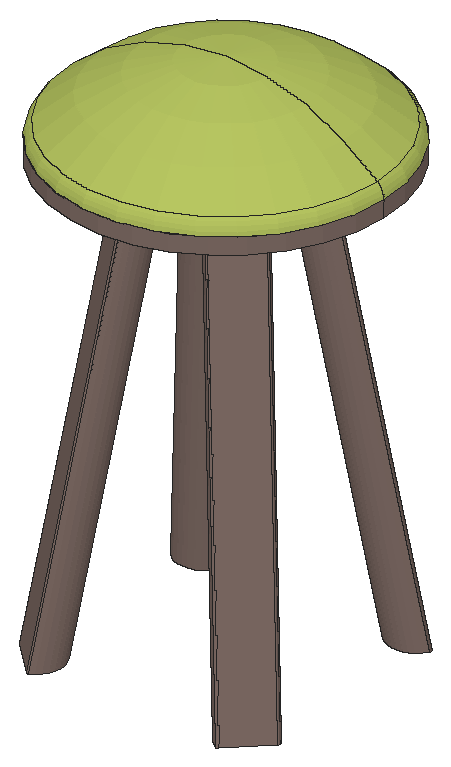
Revit family "Haworth_BuzziMilk_Stool", category Furniture, Revit 2018
Family settings
  OmniClass Number = 23.40.20.00
  OmniClass Title = General Furniture and Specialties
  Work Plane-Based = No
  Always vertical = Yes
  Cut with Voids When Loaded = No
  Shared = No
  Room Calculation Point = No
Parameters (values of type "HCBZ-MKS2")
  Wood Top = not(Cushion)  # no
  Warranty = "http://www.haworth.com/resources/product-info/warranties"
  URL - Product = "https://www.haworth.com/products/seating/stools/buzzimilk"
  URL = "http://www.haworth.com/our-brands/haworth-collection"
  Revision = "1"  # constant formula
  Note = "Verify Final Dim. w/ Haworth"  # constant formula
  Model = "HCBZ-MKS"  # constant formula
  Medium = yes
  Manufacturer = "Haworth"  # constant formula
  Low = not(or(Medium, High))  # no
  Keynote = ""
  High = no
  Frame Finish [instance] = Haworth _ Wood _ Walnut
  Description = "Haworth BuzziMilk Stool - Medium - Upholstered"
  Cushion Height = 3.5"  # constant formula
  Cushion Finish [instance] = Haworth _ Fabric _ Kvadrat Revive 1 _ BR1-914
  Cushion Control = or(Medium, High, and(Cushion, Low))  # yes
  Cushion = yes
  Author = "Haworth (Alias)"  # constant formula
  Assembly Code = "E2020200"
  Actual Width = 15.35156"  # constant formula
  Actual Height = if(High, 30.71094", if(Medium, 25.58984", 18.69922"))  # 25.58984"
  Actual Depth = 15.35156"  # constant formula
Types (5): name | Wood Top | Medium | Low | High | Description | Cushion Control | Cushion | Actual Height
  (no name) | no | yes | no | no | "Haworth BuzziMilk Stool - Medium - Upholstered" | yes | yes | 25.58984"
  HCBZ-MKS1 | no | no | yes | no | "Haworth BuzziMilk Stool - Low - Upholstered" | yes | yes | 18.69922"
  HCBZ-MKS2 | no | yes | no | no | "Haworth BuzziMilk Stool - Medium - Upholstered" | yes | yes | 25.58984"
  HCBZ-MKS3 | no | no | no | yes | "Haworth BuzziMilk Stool - High - Upholstered" | yes | yes | 30.71094"
  HCBZ-MKS1-W | yes | no | yes | no | "Haworth BuzziMilk Stool - Low - Wood" | no | no | 18.69922"
Reference planes (in)
  plane 1 "Center Front/Back": y = 0
  plane 2: z = 0
  plane 3 "Center Left/Right": x = 0
  plane 4: z = 22.08984
  plane 5 "Left": x = -7.6744
  plane 6 "Right": x = 7.67717
  plane 7: z = 21.30244
  plane 8: z = 25.58984
  plane 9 "Back": y = 7.67578
  plane 10 "Front": y = -7.67578
Forms (in)
  Extrusion 1, solid, material "Haworth _ Wood _ Walnut" <- "Frame Finish"
    sketch origin (0, 0, 0) x (1, 0, 0) y (0, 1, 0)
      loop
        circle (0, 0) r 7.67717
    from 21.30244 to 22.08984
  Blend 2, solid, material "Haworth _ Wood _ Walnut" <- "Frame Finish"
    base sketch origin (0, 0, 0) x (1, 0, 0) y (0, 1, 0)
      loop
        arc (-4.63562, -6.24483) -> (-4.57995, -6.27266) -> (-4.51872, -6.26154) r 0.09843
        arc (-4.51872, -6.26154) -> (-4.22824, -4.23022) -> (-6.25956, -4.5207) r 1.28235
        arc (-6.25956, -4.5207) -> (-6.27068, -4.58194) -> (-6.24284, -4.6376) r 0.09843
        line (-6.24284, -4.6376) -> (-4.63562, -6.24483)
    top sketch origin (0, 0, 0) x (1, 0, 0) y (0, 1, 0)
      loop
        arc (-1.78968, -3.53052) -> (-1.4992, -1.4992) -> (-3.53052, -1.78968) r 1.28235
        arc (-3.53052, -1.78968) -> (-3.54164, -1.85091) -> (-3.5138, -1.90658) r 0.09843
        line (-3.5138, -1.90658) -> (-1.90658, -3.5138)
        arc (-1.90658, -3.5138) -> (-1.85091, -3.54164) -> (-1.78968, -3.53052) r 0.09843
    from 0 to 21.30244
  Blend 3, solid, material "Haworth _ Wood _ Walnut" <- "Frame Finish"
    base sketch origin (0, 0, 0) x (-1, 0, 0) y (0, -1, 0)
      loop
        arc (-4.63838, -6.24639) -> (-4.58272, -6.27423) -> (-4.52149, -6.2631) r 0.09843
        arc (-4.52149, -6.2631) -> (-4.23101, -4.23179) -> (-6.26232, -4.52227) r 1.28235
        arc (-6.26232, -4.52227) -> (-6.27344, -4.5835) -> (-6.24561, -4.63917) r 0.09843
        line (-6.24561, -4.63917) -> (-4.63838, -6.24639)
    top sketch origin (0, 0, 0) x (-1, 0, 0) y (0, -1, 0)
      loop
        arc (-1.78968, -3.53052) -> (-1.4992, -1.4992) -> (-3.53052, -1.78968) r 1.28235
        arc (-3.53052, -1.78968) -> (-3.54164, -1.85091) -> (-3.5138, -1.90658) r 0.09843
        line (-3.5138, -1.90658) -> (-1.90658, -3.5138)
        arc (-1.90658, -3.5138) -> (-1.85091, -3.54164) -> (-1.78968, -3.53052) r 0.09843
    from 0 to 21.30244
  Blend 4, solid, material "Haworth _ Wood _ Walnut" <- "Frame Finish"
    base sketch origin (0, 0, 0) x (0, 1, 0) y (-1, 0, 0)
      loop
        arc (-4.6376, -6.24561) -> (-4.58194, -6.27344) -> (-4.5207, -6.26232) r 0.09843
        arc (-4.5207, -6.26232) -> (-4.23022, -4.23101) -> (-6.26154, -4.52149) r 1.28235
        arc (-6.26154, -4.52149) -> (-6.27266, -4.58272) -> (-6.24483, -4.63838) r 0.09843
        line (-6.24483, -4.63838) -> (-4.6376, -6.24561)
    top sketch origin (0, 0, 0) x (0, 1, 0) y (-1, 0, 0)
      loop
        arc (-1.78968, -3.53052) -> (-1.4992, -1.4992) -> (-3.53052, -1.78968) r 1.28235
        arc (-3.53052, -1.78968) -> (-3.54164, -1.85091) -> (-3.5138, -1.90658) r 0.09843
        line (-3.5138, -1.90658) -> (-1.90658, -3.5138)
        arc (-1.90658, -3.5138) -> (-1.85091, -3.54164) -> (-1.78968, -3.53052) r 0.09843
    from 0 to 21.30244
  Blend 5, solid, material "Haworth _ Wood _ Walnut" <- "Frame Finish"
    base sketch origin (0, 0, 0) x (0, -1, 0) y (1, 0, 0)
      loop
        arc (-4.63917, -6.24284) -> (-4.5835, -6.27068) -> (-4.52227, -6.25956) r 0.09843
        arc (-4.52227, -6.25956) -> (-4.23179, -4.22824) -> (-6.2631, -4.51872) r 1.28235
        arc (-6.2631, -4.51872) -> (-6.27423, -4.57995) -> (-6.24639, -4.63562) r 0.09843
        line (-6.24639, -4.63562) -> (-4.63917, -6.24284)
    top sketch origin (0, 0, 0) x (0, -1, 0) y (1, 0, 0)
      loop
        arc (-1.78968, -3.53052) -> (-1.4992, -1.4992) -> (-3.53052, -1.78968) r 1.28235
        arc (-3.53052, -1.78968) -> (-3.54164, -1.85091) -> (-3.5138, -1.90658) r 0.09843
        line (-3.5138, -1.90658) -> (-1.90658, -3.5138)
        arc (-1.90658, -3.5138) -> (-1.85091, -3.54164) -> (-1.78968, -3.53052) r 0.09843
    from 0 to 21.30244
  Revolve 6, solid, material "Haworth _ Fabric _ Kvadrat Revive 1 _ BR1-914" <- "Cushion Finish", visible <- "Cushion Control"
    sketch origin (0, 0, 0) x (1, 0, 0) y (0, 0, 1)
      loop
        line (0, 22.08984) -> (0, 25.63315)
        arc (0, 25.63315) -> (-3.93926, 24.89379) -> (-7.34233, 22.77636) r 10.86377
        arc (-7.34233, 22.77636) -> (-7.57485, 22.46486) -> (-7.67717, 22.08984) r 1.04299
        line (-7.67717, 22.08984) -> (0, 22.08984)
      axis (0, 25.63315) -> (0, 22.08984)
    angle from 0 to 360
Lines and regions (in)
  Masking region 1
    outline origin (-5.41339, -180, 0.39425) x (-1, 0, 0) y (0, -1, 0)
      loop
        circle (-5.41339, -180) r 7.675
Dimensions and locks (in)
  locked: plane 4 to plane 7 at 0.7874
  equal spacing: plane 9 "Back", plane 1 "Center Front/Back", plane 10 "Front"
  "Actual Width": plane 5 "Left" to plane 6 "Right"
  "Actual Depth": plane 9 "Back" to plane 10 "Front"
  locked: plane 8 to plane 4 at 3.5
  "Actual Height": plane 8 to plane 2
  radius of Masking region 1 sketch curve = 7.675"
  radius of Revolve 6 sketch curve = 1.04299"
  radius of Revolve 6 sketch curve = 10.86377"
  aligned and locked: level to plane 2
  aligned and locked: Extrusion 1 to plane 4
  aligned and locked: plane 7 to Extrusion 1
  aligned and locked: Blend 5 to plane 7
  aligned and locked: Blend 3 to plane 7
  aligned and locked: Blend 2 to plane 7
  aligned and locked: Blend 4 to plane 7
  aligned and locked: Blend 2 to level
  aligned and locked: Blend 4 to level
  aligned and locked: Blend 3 to level
  aligned and locked: Blend 5 to level
  aligned and locked: Revolve 6 sketch curve to plane 4
  aligned and locked: Revolve 6 sketch curve to plane 3 "Center Left/Right"  (x2)
  aligned and locked: plane 3 "Center Left/Right" to Extrusion 1 sketch curve
  aligned and locked: plane 1 "Center Front/Back" to Extrusion 1 sketch curve
  aligned and locked: plane 3 "Center Left/Right" to Masking region 1 sketch curve
  aligned and locked: plane 1 "Center Front/Back" to Masking region 1 sketch curve
Automatic sketch dimensions
  plane 5 "Left" to Blend 2 sketch curve = 1.43156"
  Blend 2 sketch curve to Blend 2 sketch curve = 0.0696"  (x8)
  Blend 2 sketch curve to Blend 2 sketch curve = 1.03824"  (x4)
  Blend 2 sketch curve to plane 10 "Front" = 1.43096"
  Blend 2 sketch curve to Blend 2 sketch curve = 0.49938"  (x4)
  Blend 2 sketch curve to Blend 2 sketch curve = 0"  (x2)
  Blend 2 sketch curve to plane 3 "Center Left/Right" = 3.5138"
  plane 1 "Center Front/Back" to Blend 2 sketch curve = 3.5138"
  plane 6 "Right" to Blend 3 sketch curve = 1.43156"
  Blend 3 sketch curve to Blend 3 sketch curve = 0.0696"  (x8)
  Blend 3 sketch curve to Blend 3 sketch curve = 1.03824"  (x4)
  Blend 3 sketch curve to plane 9 "Back" = 1.42939"
  Blend 3 sketch curve to Blend 3 sketch curve = 0.49938"  (x4)
  Blend 3 sketch curve to Blend 3 sketch curve = 0"  (x2)
  plane 3 "Center Left/Right" to Blend 3 sketch curve = 3.5138"
  Blend 3 sketch curve to plane 1 "Center Front/Back" = 3.5138"
  Blend 4 sketch curve to plane 10 "Front" = 1.43096"
  Blend 4 sketch curve to Blend 4 sketch curve = 0.0696"  (x8)
  Blend 4 sketch curve to Blend 4 sketch curve = 1.03824"  (x4)
  plane 6 "Right" to Blend 4 sketch curve = 1.43156"
  Blend 4 sketch curve to Blend 4 sketch curve = 0.49938"  (x4)
  Blend 4 sketch curve to Blend 4 sketch curve = 0"  (x2)
  plane 1 "Center Front/Back" to Blend 4 sketch curve = 3.5138"
  plane 3 "Center Left/Right" to Blend 4 sketch curve = 3.5138"
  Blend 5 sketch curve to plane 9 "Back" = 1.42939"
  Blend 5 sketch curve to Blend 5 sketch curve = 0.0696"  (x8)
  Blend 5 sketch curve to Blend 5 sketch curve = 1.03824"  (x4)
  plane 5 "Left" to Blend 5 sketch curve = 1.43156"
  Blend 5 sketch curve to Blend 5 sketch curve = 0.49938"  (x4)
  Blend 5 sketch curve to Blend 5 sketch curve = 0"  (x2)
  Blend 5 sketch curve to plane 1 "Center Front/Back" = 3.5138"
  Blend 5 sketch curve to plane 3 "Center Left/Right" = 3.5138"
  plane 8 to Revolve 6 sketch curve = 0.04331"
  Revolve 6 sketch curve to Revolve 6 sketch curve = 0"
  Revolve 6 sketch curve to plane 5 "Left" = 0.00277"
  plane 4 to Revolve 6 sketch curve = 0.35433"
  Revolve 6 sketch curve to Revolve 6 sketch curve = 0.43307"
  radius of Extrusion 1 sketch curve = 7.67717"
